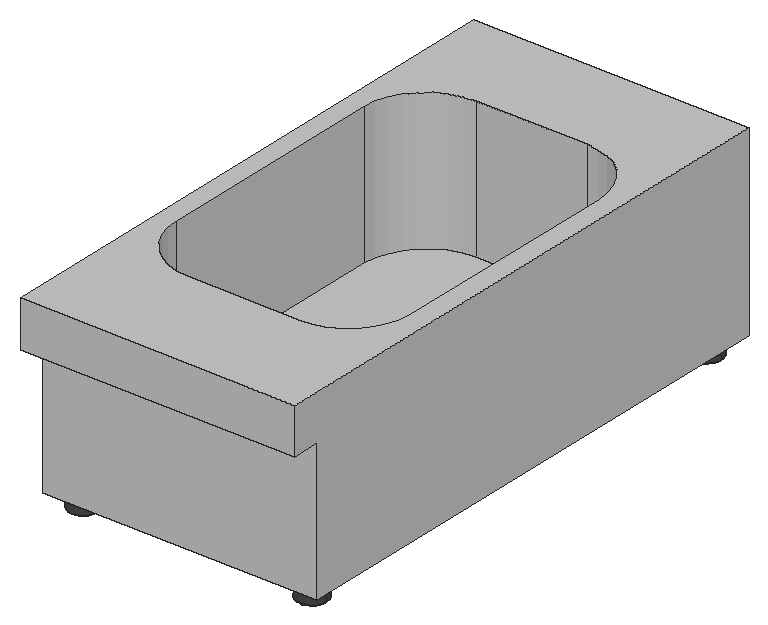
Revit family "QF_MACON_MN71C-C", category Equipamento especial, Revit 2020
Family settings
  Cota do conector redondo = Utilizar diâmetro
  Tipo de parte = Normal
  Número OmniClass = 23.40.40.14.17
  Título OmniClass = Food Cooking Equipment
  Com base no plano de trabalho = Não
  Sempre na vertical = Sim
  Corte com vazios quando carregada = Não
  Compartilhado = Não
  Ponto de cálculo do ambiente = Não
Parameters (values of type "MN71C-C")
  Width = 360 mm
  Volume = 0.06 m³
  Valve Size = 3 1/2"
  URL = "https://www.acosmacom.com.br/"
  Modelo = "MN71C-C"
  Weight = 13.00 kg
  Height = 265 mm
  Fabricante = "MACOM"
  Elevação padrão = 0 mm
  Descrição = "MÓDULO NEUTRO COM CUBA 360 MACOM"
  Depth = 745 mm
Reference planes
  plane 1 "Centro (Frente/Trás)": y = 0
  plane 2: z = 0
  plane 3 "Centro (Esquerda/Direita)": x = 0
  plane 4: y = -745
  plane 5: x = 360
  plane 6: y = -708.65
  plane 7: z = 265
  plane 8: z = 19.978
  plane 9: z = 0
Forms (mm)
  Extrusion 1, solid, material "QF_Metal_Stainless Steel"
    sketch origin (0, 0, 0) x (0, 1, 0) y (0, 0, 1)
      loop
        line (0, 19.978) -> (0, 265) -> (-745, 265) -> (-745, 204.5) -> (-708.65, 204.5) -> (-708.65, 19.978) -> (0, 19.978)
    from 0 to 360
  Revolve 2, solid, material "QF_Plastic_Rubber_Black"
    sketch origin (330, -678.65, 630) x (1, 0, 0) y (0, 0, 1)
      loop
        line (0, -630) -> (18.5, -630) -> (18.5, -628.056) -> (19.613, -628.056) -> (17.113, -614.056) -> (15.5, -614.056) -> (15.5, -612.056) -> (4, -612.056) -> (4, -610.022) -> (0, -610.022) -> (0, -630)
      axis (0, -610.022) -> (0, -630)
    angle from 0 to 360
  Revolve 3, solid, material "QF_Plastic_Rubber_Black"
    sketch origin (330, -30, 630) x (1, 0, 0) y (0, 0, 1)
      loop
        line (0, -630) -> (18.5, -630) -> (18.5, -628.056) -> (19.613, -628.056) -> (17.113, -614.056) -> (15.5, -614.056) -> (15.5, -612.056) -> (4, -612.056) -> (4, -610.022) -> (0, -610.022) -> (0, -630)
      axis (0, -610.022) -> (0, -630)
    angle from 0 to 360
  Revolve 4, solid, material "QF_Plastic_Rubber_Black"
    sketch origin (30, -30, 630) x (1, 0, 0) y (0, 0, 1)
      loop
        line (0, -630) -> (18.5, -630) -> (18.5, -628) -> (19.603, -628) -> (17.107, -614.022) -> (15.5, -614.022) -> (15.5, -612.022) -> (4, -612.022) -> (4, -610.022) -> (0, -610.022) -> (0, -630)
      axis (0, -610.022) -> (0, -630)
    angle from 0 to 360
  Revolve 5, solid, material "QF_Plastic_Rubber_Black"
    sketch origin (30, -678.65, 630) x (1, 0, 0) y (0, 0, 1)
      loop
        line (0, -630) -> (18.5, -630) -> (18.5, -628) -> (19.603, -628) -> (17.107, -614.022) -> (15.5, -614.022) -> (15.5, -612.022) -> (4, -612.022) -> (4, -610.022) -> (0, -610.022) -> (0, -630)
      axis (0, -610.022) -> (0, -630)
    angle from 0 to 360
  Extrusion 6, void
    sketch origin (0, 0, 0) x (1, 0, 0) y (0, 1, 0)
      loop
        arc (107, -130.9) -> (49.017, -154.917) -> (25, -212.9) r 82
        line (25, -212.9) -> (25, -520.9)
        arc (25, -520.9) -> (49.017, -578.883) -> (107, -602.9) r 82
        line (107, -602.9) -> (253, -602.9)
        arc (253, -602.9) -> (310.983, -578.883) -> (335, -520.9) r 82
        line (335, -520.9) -> (335, -212.9)
        arc (335, -212.9) -> (310.983, -154.917) -> (253, -130.9) r 82
        line (253, -130.9) -> (107, -130.9)
    from 80.977 to 265
  Extrusion 7, void
    sketch origin (0, 0, 80.977) x (1, 0, 0) y (0, 1, 0)
      loop
        circle (141, -367) r 44.45
    from 0 to -60.999
Cuts and joins
  Extrusion 6, Extrusion 7 cuts Extrusion 1
Lines and regions (mm)
  symbolic lines
    curve 1: line (360, -745, 0) -> (0, -745, 0)
    curve 2: line (360, 0, 0) -> (360, -745, 0)
    curve 3: line (0, 0, 0) -> (360, 0, 0)
    curve 4: line (0, -745, 0) -> (0, 0, 0)
    curve 5: line (25, -212.9, 0) -> (25, -520.9, 0)
    curve 6: arc (25, -520.9, 0) -> (49.017, -578.883, 0) -> (107, -602.9, 0) r 82
    curve 7: line (107, -602.9, 0) -> (253, -602.9, 0)
    curve 8: arc (253, -602.9, 0) -> (310.983, -578.883, 0) -> (335, -520.9, 0) r 82
    curve 9: line (335, -520.9, 0) -> (335, -212.9, 0)
    curve 10: arc (335, -212.9, 0) -> (310.983, -154.917, 0) -> (253, -130.9, 0) r 82
    curve 11: line (253, -130.9, 0) -> (107, -130.9, 0)
    curve 12: arc (107, -130.9, 0) -> (49.017, -154.917, 0) -> (25, -212.9, 0) r 82
    curve 13: arc (164, -87, 0) -> (180, -103, 0) -> (196, -87, 0) r 16
    curve 14: arc (196, -87, 0) -> (180, -71, 0) -> (164, -87, 0) r 16
  model lines
    curve 15: arc (164, -87, 265) -> (180, -71, 265) -> (196, -87, 265) r 16
    curve 16: arc (196, -87, 265) -> (180, -103, 265) -> (164, -87, 265) r 16
Dimensions and locks
  "Width": plane 3 "Centro (Esquerda/Direita)" to plane 5
  "Depth": plane 4 to plane 1 "Centro (Frente/Trás)"
  plane 4 to plane 6 = 36.35 mm
  "Height": plane 7 to level
  locked: plane 9 to plane 8 at 19.978
  plane 9 to plane 8 to plane 7 = 19.978 mm, 245.022 mm
  Extrusion 7 sketch curve to plane 1 "Centro (Frente/Trás)" = 367 mm
  plane 3 "Centro (Esquerda/Direita)" to Extrusion 7 sketch curve = 141 mm
  aligned and locked: level to plane 2
  aligned and locked: plane 4 to cut or joined group of Extrusion 1, Extrusion 6, Extrusion 7
  aligned and locked: plane 5 to cut or joined group of Extrusion 1, Extrusion 6, Extrusion 7
  aligned and locked: plane 8 to cut or joined group of Extrusion 1, Extrusion 6, Extrusion 7
  aligned and locked: plane 7 to cut or joined group of Extrusion 1, Extrusion 6, Extrusion 7
  aligned and locked: plane 6 to cut or joined group of Extrusion 1, Extrusion 6, Extrusion 7
  aligned and locked: Revolve 5 sketch curve to plane 8
  aligned and locked: Revolve 4 sketch curve to plane 8
  aligned and locked: Revolve 4 sketch curve to Revolve 5  (x4)
  aligned and locked: Revolve 2 sketch curve to plane 8
  aligned and locked: Revolve 3 sketch curve to plane 8
  aligned and locked: Revolve 3 sketch curve to Revolve 2  (x4)
  aligned and locked: plane 9 to Revolve 3
  aligned and locked: plane 9 to Revolve 2
  aligned and locked: plane 9 to Revolve 5
  aligned and locked: plane 9 to Revolve 4
  aligned and locked: Extrusion 1 to Extrusion 6
  aligned and locked: plane 9 to level
  aligned and locked: cut or joined group of Extrusion 1, Extrusion 6, Extrusion 7 to Extrusion 7
Automatic sketch dimensions
  Extrusion 1 sketch curve to plane 4 = 0 mm
  Extrusion 1 sketch curve to plane 1 "Centro (Frente/Trás)" = 0 mm
  Extrusion 1 sketch curve to plane 4 = 36.35 mm
  level to Extrusion 1 sketch curve = 19.978 mm
  Extrusion 1 sketch curve to Extrusion 1 sketch curve = 184.522 mm
  Extrusion 1 sketch curve to Extrusion 1 sketch curve = 60.5 mm
  plane 3 "Centro (Esquerda/Direita)" to Extrusion 6 sketch curve = 25 mm
  plane 3 "Centro (Esquerda/Direita)" to Extrusion 6 sketch curve = 107 mm
  Extrusion 6 sketch curve to Extrusion 6 sketch curve = 82 mm
  Extrusion 6 sketch curve to plane 5 = 107 mm  (x2)
  Extrusion 6 sketch curve to plane 5 = 25 mm
  Extrusion 6 sketch curve to plane 4 = 142.1 mm
  plane 1 "Centro (Frente/Trás)" to Extrusion 6 sketch curve = 212.9 mm
  plane 3 "Centro (Esquerda/Direita)" to Revolve 4 sketch curve = 30 mm
  Revolve 4 sketch curve to Revolve 4 sketch curve = 4 mm
  Revolve 4 sketch curve to Revolve 4 sketch curve = 11.5 mm
  Revolve 4 sketch curve to Revolve 4 sketch curve = 1.607 mm
  Revolve 4 sketch curve to Revolve 4 sketch curve = 1.393 mm
  Revolve 4 sketch curve to Revolve 4 sketch curve = 1.103 mm
  Revolve 4 sketch curve to Revolve 4 sketch curve = 0 mm
  Revolve 4 sketch curve to Revolve 4 sketch curve = 630 mm
  Revolve 4 sketch curve to plane 8 = 634.622 mm
  Revolve 4 sketch curve to Revolve 4 sketch curve = 2 mm
  Revolve 4 sketch curve to Revolve 4 sketch curve = 13.978 mm
  Revolve 2 sketch curve to plane 5 = 30 mm
  Revolve 2 sketch curve to Revolve 2 sketch curve = 4 mm
  plane 8 to Revolve 2 sketch curve = 4.034 mm
  Revolve 2 sketch curve to Revolve 2 sketch curve = 11.5 mm
  Revolve 2 sketch curve to Revolve 2 sketch curve = 1.613 mm
  Revolve 2 sketch curve to plane 5 = 11.5 mm
  Revolve 2 sketch curve to Revolve 2 sketch curve = 1.113 mm
  Revolve 2 sketch curve to Revolve 2 sketch curve = 14 mm
  Revolve 2 sketch curve to Revolve 2 sketch curve = 1.944 mm
  plane 8 to Revolve 2 sketch curve = 2.034 mm
  Revolve 2 sketch curve to Revolve 2 sketch curve = 0 mm
  Revolve 2 sketch curve to Revolve 2 sketch curve = 4.966 mm
  plane 8 to Revolve 2 sketch curve = 0.4 mm
  Revolve 3 sketch curve to plane 5 = 30 mm
  Revolve 3 sketch curve to Revolve 3 sketch curve = 4 mm
  Revolve 3 sketch curve to Revolve 3 sketch curve = 11.5 mm
  Revolve 3 sketch curve to Revolve 3 sketch curve = 1.613 mm
  Revolve 3 sketch curve to plane 5 = 11.5 mm
  Revolve 3 sketch curve to Revolve 3 sketch curve = 1.113 mm
  Revolve 3 sketch curve to Revolve 3 sketch curve = 0 mm
  Revolve 3 sketch curve to Revolve 3 sketch curve = 630 mm
  Revolve 3 sketch curve to plane 8 = 634.622 mm
  Revolve 5 sketch curve to plane 9 = 0 mm
  plane 3 "Centro (Esquerda/Direita)" to Revolve 5 sketch curve = 30 mm
  Revolve 5 sketch curve to Revolve 5 sketch curve = 4 mm
  plane 8 to Revolve 5 sketch curve = 4 mm
  Revolve 5 sketch curve to Revolve 5 sketch curve = 11.5 mm
  Revolve 5 sketch curve to Revolve 5 sketch curve = 1.607 mm
  Revolve 5 sketch curve to Revolve 5 sketch curve = 1.393 mm
  Revolve 5 sketch curve to plane 9 = 2 mm
  Revolve 5 sketch curve to Revolve 5 sketch curve = 1.103 mm
  Revolve 5 sketch curve to Revolve 5 sketch curve = 2 mm
  Revolve 5 sketch curve to Revolve 5 sketch curve = 0 mm
  Revolve 5 sketch curve to Revolve 5 sketch curve = 5.022 mm
  plane 8 to Revolve 5 sketch curve = 0.4 mm
  curve 1 to plane 3 "Centro (Esquerda/Direita)" = 0 mm
  plane 4 to curve 2 = 0 mm
  curve 2 to plane 5 = 0 mm
  plane 1 "Centro (Frente/Trás)" to curve 3 = 0 mm
  plane 3 "Centro (Esquerda/Direita)" to curve 5 = 25 mm
  curve 5 to curve 12 = 82 mm
  curve 5 to curve 6 = 82 mm
  curve 7 to plane 5 = 107 mm
  curve 10 to plane 5 = 107 mm
  curve 9 to plane 5 = 25 mm
  curve 7 to plane 6 = 105.75 mm
  plane 1 "Centro (Frente/Trás)" to curve 12 = 212.9 mm
  curve 13 to curve 13 = 16 mm
  curve 13 to curve 14 = 0 mm  (x2)
  curve 13 to curve 10 = 73 mm
  curve 10 to curve 14 = 43.9 mm
  curve 15 to curve 16 = 0 mm  (x2)
  Extrusion 1 to curve 16 = 87 mm
  Extrusion 1 to curve 16 = 180 mm
  curve 15 to curve 15 = 16 mm
  radius of Extrusion 7 sketch curve = 44.45 mm
Connectors
  piping at (141, -367, 19.978), diameter 88.9
    settings: on cut or joined group of Extrusion 1, Extrusion 6, Extrusion 7, index 1, connector inside diameter 609.6 mm, connector length 0 mm, flow factor 0, pipe flow 0.0 L/s, pressure drop 0.0 Pa, fitting loss kfactor 0, connector angle 0.00°, fixture units 0, engagement length 0 mm, angle of deflection 0.00°, flow configuration 0, flow direction 2, fitting loss method 0, system type 22, joint type 0, gender type 0, connector reference index -1, connector utility 0, adjustable connector no, is connector primary yes, connector description ""
